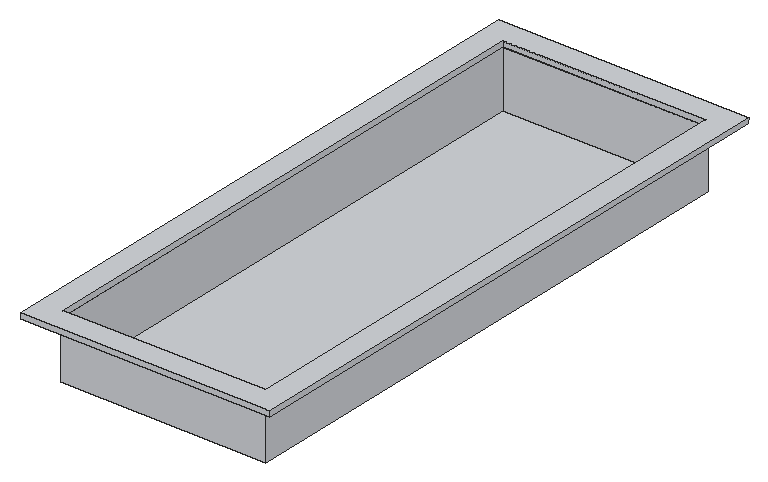
Revit family "Hager-VOLTA-Hollow_wall-Other-Without_Cover-Without_DIN-Hosted-CH-fr", category Electrical Equipment, host Face, Revit 2023
Family settings
  Host = Face
  Panel Configuration = Two Columns, Circuits Across
  Round Connector Dimension = Use Diameter
  Part Type = Panelboard
  Cut with Voids When Loaded = No
  Maintain Annotation Orientation = Yes
  Shared = No
  Room Calculation Point = No
Parameters (values of type "VOLTA-Hollow_wall_W348_H880_D98_12_Modular_Spacing-VH60NK")
  Width Control [instance] = if([HG000006-Encastré], if([EF000846 - largeur d'encastrement] > min_whd, [EF000846 - largeur d'encastrement], min_whd), if([EF000008 - largeur] > min_whd, ([EF000008 - largeur]), min_whd))  # 314 mm
  Void Depth [instance] = if([HG000006-Encastré], Depth Control, 1 mm)  # 90 mm
  Uniformat code = "D501001"
  Uniformat = "Low Tension Service & Dist."
  HGEF0002950-largeur en nombre de modules = 12
  HGEF000266-Nombre de rangées = 5
  HG000131 - Functional label [instance] = ""
  HG000130 - Functional name [instance] = ""
  Type Comments = ""
  System Height [instance] = Height Control - 2 * [HG000005-Epaisseur]  # 842 mm
  Reference description = ""
  Reference = "VOLTA-Hollow_wall_W348_H880_D98_12_Modular_Spacing-VH60NK"
  Object type = ""
  Name hager = "ADD_Enclosures_EC000214"
  Name BIM&CO = "Electricity"
  Name = "VOLTA-Hollow_wall-Other-Without_Cover-Without_DIN-CH"
  Model = ""
  HG000099-ID modèle Onfly = "507532"
  HG000060-RAL-number = "9010"
  HG000059-tension d'utilisation [instance] = 230 V
  HG000017-Distance entre pôles = 18 mm
  HG000016-Visibilité de la porte 3D = yes
  HG000015-Visibilité de l'emprise de la porte = yes
  HG000014-Porte à droite = yes
  HG000013-Porte à gauche = no
  HG000012-Angle de pivotement de la porte = 90.00°
  HG000011-Rangées du bas vides = no
  HG000010-Portes asymétriques = no
  HG000009-Porte à double battant = no
  HG000008-Nombre de rangées vides = 0
  HG000007-Nombre de colonnes vides = 0
  HG000006-Encastré = yes
  HG000005-Epaisseur = 2 mm
  HG000004-Référence fabricant = "VH60NK"
  HG000003-Gamme = "VOLTA"
  HG000002-avec porte = no
  HG000001-nombre de colonnes = 0
  GTIN (Global Trade Item Number) = ""
  ETIM class name = "Small distribution board"
  ETIM class code = "EC000214"
  EF015941 - porte de transmission du signal = no
  EF015777 - borne à conducteur neutre = no
  EF015776 - borne de mise à la terre = no
  EF009212 - type de couvercle = ""
  EF006306 - avec serrure = no
  EF006244 - couvercle/porte transparente = no
  EF005474 - indice de protection (IP) = "autre"
  EF004464 - type de porte = ""
  EF004462 - type de fermeture = "autre"
  EF002950 - nombre d'unités modulaires = 12
  EF001596 - matériau du boîtier = ""
  EF001134 - rail DIN = no
  EF001131 - profondeur interne = 0 mm
  EF001088 - possibilité de montage adossé = yes
  EF001062 - version CEM = no
  EF000846 - largeur d'encastrement = 314 mm
  EF000339 - type de couverture = ""
  EF000332 - hauteur d'installation = 846 mm
  EF000266 - nombre de rangées = 5
  EF000218 - profondeur de montage = 90 mm
  EF000118 - avec plaque de montage = no
  EF000116 - numéro RAL = 9010
  EF000049 - profondeur = 98 mm
  EF000040 - hauteur = 880 mm
  EF000024 - résiste aux UV = no
  EF000008 - largeur = 348 mm
  EF000007 - couleur = "blanc"
  EF000003 - mode de montage = "paroi creuse"
  Creation Date = "12/15/2025 21:43:36"
  Code hager = "ADD-EC000214_EU"
  BIM&CO code = ""
  BC_VARIANT_ID = "1174143"
  BC_OBJECT_VERSION = "#9"  # constant formula
  BC_OBJECT_ID = "513470"  # constant formula
  BC_MODEL_ID = "1547124"  # constant formula
  Arrow Offset [instance] = Depth Control / 8  # 11.25 mm
  Arrow Height [instance] = Depth Control - Arrow Offset  # 78.75 mm
  Host Offset [instance] = if([HG000006-Encastré], 0 mm, [EF000049 - profondeur])  # 0 mm
  min_whd [instance] = (2 * [HG000005-Epaisseur]) + 1 mm  # 5 mm
  Manufacturer = "Hager"  # constant formula
  Height Control [instance] = if([HG000006-Encastré], if([EF000332 - hauteur d'installation] > min_whd, [EF000332 - hauteur d'installation], min_whd), if([EF000040 - hauteur] > min_whd, ([EF000040 - hauteur]), min_whd))  # 846 mm
  Flush Mounted - Door Frame Width [instance] = if(([EF000040 - hauteur] - [EF000332 - hauteur d'installation]) > 0 mm, if([HG000006-Encastré], [EF000040 - hauteur] - [EF000332 - hauteur d'installation], 0 mm), 0 mm)  # 34 mm
  Depth Control [instance] = if([HG000006-Encastré], if([EF000218 - profondeur de montage] > 0 mm, [EF000218 - profondeur de montage], 1 mm), if([EF000049 - profondeur] > 0 mm, ([EF000049 - profondeur]), 1 mm))  # 90 mm
  Default Elevation = 0 mm
Types (5, lengths in mm): name | HGEF000266-Nombre de rangées | System Height | Reference | HG000004-Référence fabricant | EF009212 - type de couvercle | EF004462 - type de fermeture | EF001062 - version CEM | EF000332 - hauteur d'installation | EF000266 - nombre de rangées | EF000049 - profondeur | EF000040 - hauteur | EF000008 - largeur | BC_VARIANT_ID | Height Control | Flush Mounted - Door Frame Width
  VOLTA-Hollow_wall_W330_H355_D94_12_Modular_Spacing-VH12NK | 1 | 342 | "VOLTA-Hollow_wall_W330_H355_D94_12_Modular_Spacing-VH12NK" | "VH12NK" | "fermé" | "" | yes | 346 | 1 | 94 | 355 | 330 | "1174126" | 346 | 9
  VOLTA-Hollow_wall_W348_H505_D98_12_Modular_Spacing-VH24NK | 2 | 467 | "VOLTA-Hollow_wall_W348_H505_D98_12_Modular_Spacing-VH24NK" | "VH24NK" | "" | "autre" | no | 471 | 2 | 98 | 505 | 348 | "1174131" | 471 | 34
  VOLTA-Hollow_wall_W348_H630_D98_12_Modular_Spacing-VH36NK | 3 | 592 | "VOLTA-Hollow_wall_W348_H630_D98_12_Modular_Spacing-VH36NK" | "VH36NK" | "" | "autre" | no | 596 | 3 | 98 | 630 | 348 | "1174136" | 596 | 34
  VOLTA-Hollow_wall_W348_H755_D98_12_Modular_Spacing-VH48NK | 4 | 717 | "VOLTA-Hollow_wall_W348_H755_D98_12_Modular_Spacing-VH48NK" | "VH48NK" | "" | "autre" | no | 721 | 4 | 98 | 755 | 348 | "1174140" | 721 | 34
  VOLTA-Hollow_wall_W348_H880_D98_12_Modular_Spacing-VH60NK | 5 | 842 | "VOLTA-Hollow_wall_W348_H880_D98_12_Modular_Spacing-VH60NK" | "VH60NK" | "" | "autre" | no | 846 | 5 | 98 | 880 | 348 | "1174143" | 846 | 34
Reference planes
  plane 1 "Center (Front/Back)": y = 0
  plane 2: z = 0
  plane 3 "Center (Left/Right)": x = 0
  plane 4: z = 0
  plane 5: y = 36
  plane 6: z = -5
  plane 7: y = 457
  plane 8: y = 34
  plane 9: y = 880
  plane 10: z = -90
  plane 11: x = -157
  plane 12: x = 157
  plane 13: x = 155
  plane 14: x = -155
  plane 15: y = 878
  plane 16: z = -88
  plane 17: z = -2
  plane 18: z = -90
  plane 19: z = -2
  plane 20 "Annotation H": y = -100
  plane 21 "Annotation V": x = 457
Forms (mm)
  Extrusion 1, solid
    sketch origin (-583.045, 34, 1219.2) x (-1, 0, 0) y (0, 0, 1)
      loop
        line (-426.045, -1219.2) -> (-740.045, -1219.2) -> (-740.045, -1309.2) -> (-426.045, -1309.2) -> (-426.045, -1219.2)
    from 0 to 846 <- "Height Control"
  Extrusion 2, void
    sketch origin (-381.607, -4572, 0) x (0, -1, 0) y (-1, 0, 0)
      loop
        line (-5450, -226.607) -> (-5450, -536.607) -> (-4608, -536.607) -> (-4608, -226.607) -> (-5450, -226.607)
    from 0 to 88
  Extrusion 3, void
    sketch origin (0, 0, 0) x (1, 0, 0) y (0, 1, 0)
      loop
        line (-157, 34) -> (157, 34) -> (157, 880) -> (-157, 880) -> (-157, 34)
    from -90 to 1
  Extrusion 4, solid, detail levels coarse+medium
    sketch origin (-381.607, -4572, 0) x (-1, 0, 0) y (0, -1, 0)
      loop
        line (-226.607, -5450) -> (-226.607, -4608) -> (-536.607, -4608) -> (-536.607, -5450) -> (-226.607, -5450)
    from 0 to -2
Cuts and joins
  Extrusion 2 cuts Extrusion 1
Dimensions and locks
  plane 4 to plane 6 = 5 mm
  "Host Offset": plane 4 to host face
  "Flush Mounted - Door Frame Width": plane 1 "Center (Front/Back)" to plane 8
  "HG000005-Epaisseur": plane 5 to plane 8
  locked: connector elem to plane 3 "Center (Left/Right)"
  "Height Control": plane 9 to plane 8
  equal spacing: plane 9, plane 7, plane 8
  locked: connector elem to plane 7
  "Depth Control": plane 4 to plane 10
  "HG000005-Epaisseur": plane 11 to plane 14
  "HG000005-Epaisseur": plane 12 to plane 13
  equal spacing: plane 11, plane 3 "Center (Left/Right)", plane 12
  "Width Control": plane 11 to plane 12
  "Arrow Offset": nested 4 to plane 10
  "HG000005-Epaisseur": plane 9 to plane 15
  "HG000005-Epaisseur": plane 16 to plane 10
  "HG000005-Epaisseur": plane 4 to plane 17
  "Void Depth": plane 2 to plane 18
  "HG000005-Epaisseur": plane 4 to plane 19
  locked: plane 20 "Annotation H" to plane 1 "Center (Front/Back)" at 100
  locked: plane 12 to plane 21 "Annotation V" at 300
  aligned and locked: plane 2 to host face
  aligned and locked: level to host face
  aligned and locked: plane 3 "Center (Left/Right)" to nested 2
  aligned and locked: plane 4 to nested 2
  aligned and locked: nested 2 to plane 8
  aligned and locked: nested 1 to plane 6
  aligned and locked: plane 5 to nested 1
  aligned and locked: nested 4 to plane 11
  aligned and locked: nested 3 to plane 4
  aligned and locked: Extrusion 1 sketch curve to plane 12
  aligned and locked: Extrusion 1 sketch curve to plane 11
  aligned and locked: nested 3 to plane 10
  aligned and locked: plane 10 to Extrusion 1 sketch curve
  aligned and locked: plane 5 to Extrusion 2 sketch curve
  aligned and locked: Extrusion 2 sketch curve to plane 15
  aligned and locked: Extrusion 2 sketch curve to plane 14
  aligned and locked: Extrusion 2 sketch curve to plane 13
  aligned and locked: plane 11 to Extrusion 3 sketch curve
  aligned and locked: plane 9 to Extrusion 3 sketch curve
  aligned and locked: Extrusion 3 sketch curve to plane 8
  aligned and locked: plane 12 to Extrusion 3 sketch curve
  aligned and locked: nested 3 to plane 12
  aligned and locked: Extrusion 3 to plane 18
  aligned and locked: Extrusion 2 to plane 16
  aligned and locked: Extrusion 1 sketch curve to plane 4
  aligned and locked: Extrusion 4 to plane 17
  aligned and locked: Extrusion 4 sketch curve to plane 15
  aligned and locked: Extrusion 4 sketch curve to plane 13
  aligned and locked: Extrusion 4 sketch curve to plane 14
  aligned and locked: plane 5 to Extrusion 4 sketch curve
  aligned and locked: nested 5 to plane 21 "Annotation V"
  aligned and locked: plane 20 "Annotation H" to nested 5
Automatic sketch dimensions
  host sketch curve to host sketch curve = 1469.727 mm
  host sketch curve to host sketch curve = 1434.803 mm
Nested families
  nested 1: "Hager_Enclosure_System" at (0, 36, -5) x (1, 0, 0) z (0, 1, 0), Height <- "System Height", Width_Control <- "Width Control", Built-in_Width <- "EF000846 - largeur d'encastrement", Width <- "EF000008 - largeur", Depth <- "HG000005-Epaisseur", Border <- "HG000005-Epaisseur", Distance_Between_Poles <- "HG000017-Distance entre pôles", Flush_Mounted <- "HG000006-Encastré", Empty_Columns <- "HG000007-Nombre de colonnes vides", Total_No_Empty_Rows <- "HG000008-Nombre de rangées vides", Empty_Rows_From_Bottom <- "HG000011-Rangées du bas vides", Columns_Count <- "HG000001-nombre de colonnes", Rows_Count <- "HGEF000266-Nombre de rangées", Row_Module_Multiplicator <- "HGEF0002950-largeur en nombre de modules", type "Hager_Enclosure_System", detail levels fine
    with Width_Control 314 mm, Width 348 mm, Total_No_Rows 5, Total_No_Empty_Rows 0, Total_No_Columns 1, System_Width 310 mm, Rows_Count 5, Rows_Column 5, Row_Module_Multiplicator 12, Panel_4 no, Panel_3 no, Panel_2 no, Panel_1 no, No_Panels_Ctrl 1, Hide_Columns yes, Height 842 mm, Flush_Mounted yes, Empty_Rows_From_Bottom no, Empty_Rows_Column 0, Empty_Columns 0, Empty column 4 0, Empty column 3 0, Empty column 2 0, Empty column 1 0, Distance_Between_Poles 18 mm, Depth 2 mm, Columns_Count 0, Column_Width 310 mm, Built-in_Width 314 mm, Border 2 mm
  nested 2: "Hager_Enclosure_Door" at (0, 34, 0) x (1, 0, 0) z (0, 1, 0), Height_Ctrl <- "Height Control", Width_Ctrl <- "Width Control", BuiltIn_Depth <- "EF000218 - profondeur de montage", Depth <- "EF000049 - profondeur", BuiltIn_Width <- "EF000846 - largeur d'encastrement", Height <- "EF000040 - hauteur", BuiltIn_Height <- "EF000332 - hauteur d'installation", Width <- "EF000008 - largeur", Transparent <- "EF006244 - couvercle/porte transparente", Border <- "HG000005-Epaisseur", Door <- "HG000002-avec porte", Flush_Mounted <- "HG000006-Encastré", Double <- "HG000009-Porte à double battant", Assymetrical <- "HG000010-Portes asymétriques", Angle <- "HG000012-Angle de pivotement de la porte", Door_Left <- "HG000013-Porte à gauche", Door_Right <- "HG000014-Porte à droite", Clearance <- "HG000015-Visibilité de l'emprise de la porte", 3d_Door <- "HG000016-Visibilité de la porte 3D", type "Hager_Enclosure_Door", detail levels medium+fine
    with min_wh 5 mm, Width_Ctrl 314 mm, Width 348 mm, Transparent_Door_No_Bottom_Border no, Transparent no, Leaf_Width 307 mm, Leaf_Tolerance 1.5 mm, Leaf_Height 839 mm, Leaf_2_Width 307 mm, Leaf_2_Offset 153.5 mm, Leaf_1_Width 307 mm, Leaf_1_Offset 153.5 mm, Height_Ctrl 846 mm, Height 880 mm, Frame_Width_Ctrl 34 mm, Frame_Width 34 mm, Frame_Internal_Offset 2 mm, Frame_Height_Ctrl 34 mm, Frame_Height 34 mm, Frame_Depth_Ctrl 8 mm, Frame_Depth 8 mm, Flush_Mounted yes, Double_Clearance_Ctrl no, Double no, Door_Right_Ctrl no, Door_Right yes, Door_Left_Ctrl no, Door_Left no, Door no, Depth 98 mm, Clearance_Depth 307 mm, Clearance_Ctrl yes, Clearance yes, BuiltIn_Width 314 mm, BuiltIn_Height 846 mm, BuiltIn_Depth 90 mm, Border 2 mm, Assymetrical no, Angle 90.00°, 3d_Door yes
  nested 3: "Hager_Enclosure_Symbol_Triangle" at (-157, 0, -90) x (1, 0, 0) z (0, -1, 0), Depth <- "Depth Control", Width <- "Width Control", type "Hager_Enclosure_Symbol_Triangle"
    with Width_Ctrl 314 mm, Width 314 mm, Depth_Ctrl 90 mm, Depth 90 mm
  nested 4: "Hager_Enclosure_Symbol_Arrow" at (-157, 0, -78.75) x (1, 0, 0) z (0, -1, 0), Height <- "Arrow Height", type "Hager_Enclosure_Symbol_Arrow"
    with Width_Inside 5.906 mm, Width 70.875 mm, Height_Ctrl 78.75 mm, Height 78.75 mm
  nested 5: "Hager_Annotation-HG000130" at (457, -100, 0) x (-1, 0, 0) z (0, 0, 1), HG000130 - Functional name <- "HG000130 - Functional name", type "Hager_Annotation-HG000130"
    with HG000130 - Functional name ""
Connectors
  electrical at (0, 457, -90)
    settings: on plane 10, index 1, voltage 0 V, apparent load 0 VA, apparent load phase1 0 VA, apparent load phase2 0 VA, apparent load phase3 0 VA, power factor 1, load classification "Other", number of poles 1, system type 30, power factor state 1, is connector primary yes, connector utility no, sub classification motor no, connector description ""
Definition of nested family "Hager_Enclosure_Door"
  Parameters (values of type "Hager_Enclosure_Door")
    min_wh [instance] = (2 * Border) + 1 mm  # 11 mm
    Width_Ctrl [instance] = 400 mm
    Width [instance] = 500 mm
    Transparent_Door_No_Bottom_Border [instance] = no
    Transparent [instance] = yes
    Leaf_Width [instance] = if((Width_Ctrl - 2 * Border - 2 * Leaf_Tolerance) > 0 mm, (Width_Ctrl - 2 * Border - 2 * Leaf_Tolerance), min_wh)  # 387 mm
    Leaf_Tolerance [instance] = 1.5 mm  # constant formula
    Leaf_Height [instance] = if((Height_Ctrl - 2 * Border - 2 * Leaf_Tolerance) > 0 mm, (Height_Ctrl - 2 * Border - 2 * Leaf_Tolerance), min_wh)  # 387 mm
    Leaf_2_Width [instance] = if(and(and(Double, Assymetrical), Door_Left), (Leaf_Width / 3) - (Leaf_Tolerance / 2), if(and(and(Double, Assymetrical), Door_Right), (Leaf_Width / 3) * 2 - (Leaf_Tolerance / 2), if(and(Double, not(Assymetrical)), (Leaf_Width / 2) - Leaf_Tolerance, Leaf_Width)))  # 387 mm
    Leaf_2_Offset [instance] = if(and(Double, Assymetrical), Leaf_2_Width / 2, if(and(Double, not(Assymetrical)), Leaf_Width / 4, Leaf_Width / 2))  # 193.5 mm
    Leaf_1_Width [instance] = if(and(and(Double, Assymetrical), Door_Right), (Leaf_Width / 3) - (Leaf_Tolerance / 2), if(and(and(Double, Assymetrical), Door_Left), (Width / 3) * 2 - (Leaf_Tolerance / 2), if(and(Double, not(Assymetrical)), (Leaf_Width / 2) - Leaf_Tolerance, Leaf_Width)))  # 387 mm
    Leaf_1_Offset [instance] = if(and(Double, Assymetrical), Leaf_1_Width / 2, if(and(Double, not(Assymetrical)), Leaf_Width / 4, Leaf_Width / 2))  # 193.5 mm
    Height_Ctrl [instance] = 400 mm
    Height [instance] = 500 mm
    Frame_Width_Ctrl [instance] = if(Frame_Width > 0 mm, Frame_Width, 1 mm)  # 1 mm
    Frame_Width [instance] = Width - BuiltIn_Width  # 0 mm
    Frame_Internal_Offset [instance] = if(Flush_Mounted, Border, 0 mm)  # 5 mm
    Frame_Height_Ctrl [instance] = if(Frame_Height > 0 mm, Frame_Height, 1 mm)  # 1 mm
    Frame_Height [instance] = Height - BuiltIn_Height  # 0 mm
    Frame_Depth_Ctrl [instance] = if(Frame_Depth > 0 mm, Frame_Depth, 1 mm)  # 1 mm
    Frame_Depth [instance] = if(Depth - BuiltIn_Depth > 0 mm, if(Flush_Mounted, Depth - BuiltIn_Depth, 0 mm), 0 mm)  # 0 mm
    Flush_Mounted [instance] = yes
    Double_Clearance_Ctrl [instance] = and(Double, Clearance)  # no
    Double [instance] = no
    Door_Right_Ctrl [instance] = and(or(Door_Right, Double), Door)  # yes
    Door_Right [instance] = yes
    Door_Left_Ctrl [instance] = and(or(Door_Left, Double), Door)  # no
    Door_Left [instance] = no
    Door [instance] = yes
    Depth [instance] = 500 mm
    Default Elevation = 1219.2 mm
    Clearance_Material = none
    Clearance_Depth [instance] = if(Leaf_1_Width > Leaf_2_Width, Leaf_1_Width, Leaf_2_Width)  # 387 mm
    Clearance_Ctrl [instance] = and(not(Double), Clearance)  # yes
    Clearance [instance] = yes
    BuiltIn_Width [instance] = 500 mm
    BuiltIn_Height [instance] = 500 mm
    BuiltIn_Depth [instance] = 500 mm
    Border [instance] = 5 mm
    Assymetrical [instance] = yes
    Angle [instance] = 30.00°
    3d_Door [instance] = yes
  Reference planes
    plane 1 "Center (Front/Back)": y = 0
    plane 2 "Bottom": z = 0
    plane 3 "Center (Left/Right)": x = 0
    plane 4: z = 400
    plane 5: x = -200
    plane 6: x = 200
    plane 7: z = 395
    plane 8: x = -195
    plane 9: z = 5
    plane 10: x = 195
    plane 11: y = 0
    plane 12: z = 6.5
    plane 13: x = -582
    plane 14: y = -387
    plane 15: x = 582
    plane 16: x = 0
    plane 17: x = 0
    plane 18: x = -193.5
    plane 19: x = 193.5
    plane 20: z = 393.5
  Forms (mm)
    Extrusion 1, solid, visible <- "Flush_Mounted"
      sketch origin (0, 0, 0) x (1, 0, 0) y (0, 0, 1)
        loop
          line (195, 5) -> (195, 395) -> (-195, 395) -> (-195, 5) -> (195, 5)
        loop
          line (-201, 401) -> (-201, -1) -> (201, -1) -> (201, 401) -> (-201, 401)
      from 0 to 1 <- "Frame_Depth_Ctrl"
    Extrusion 2, solid, material <- "Clearance_Material", visible <- "Double_Clearance_Ctrl"
      sketch origin (1200, 0, 0) x (1, 0, 0) y (0, 0, -1)
        loop
          line (-1782, -393.5) -> (-618, -393.5) -> (-618, 0) -> (-1782, 0) -> (-1782, -393.5)
      from 0 to -387
  Dimensions and locks
    equal spacing: plane 5, plane 3 "Center (Left/Right)", plane 6
    "Width_Ctrl": plane 5 to plane 6
    "Border": plane 5 to plane 8
    "Border": plane 6 to plane 10
    "Border": plane 9 to level
    "Border": plane 4 to plane 7
    "Height_Ctrl": plane 4 to level
    "Leaf_Tolerance": plane 12 to plane 9
    "Frame_Depth": plane 11 to plane 1 "Center (Front/Back)"
    "Frame_Width_Ctrl": plane 5 to Extrusion 1 sketch curve
    "Frame_Width_Ctrl": plane 6 to Extrusion 1 sketch curve
    "Frame_Width_Ctrl": Extrusion 1 sketch curve to plane 4
    "Frame_Width_Ctrl": plane 2 "Bottom" to Extrusion 1 sketch curve
    "Leaf_1_Offset": plane 18 to plane 16
    "Leaf_2_Offset": plane 17 to plane 19
    "Leaf_1_Width": plane 13 to plane 8
    "Leaf_2_Width": plane 10 to plane 15
    "Clearance_Depth": plane 14 to plane 1 "Center (Front/Back)"
    "Leaf_Tolerance": plane 8 to plane 18
    "Leaf_Tolerance": plane 19 to plane 10
    "Leaf_Tolerance": plane 7 to plane 20
    "Frame_Internal_Offset": plane 5 to Extrusion 1 sketch curve
    "Frame_Internal_Offset": Extrusion 1 sketch curve to plane 2 "Bottom"
    "Frame_Internal_Offset": plane 6 to Extrusion 1 sketch curve
    "Frame_Internal_Offset": plane 4 to Extrusion 1 sketch curve
    aligned and locked: level to plane 2 "Bottom"
    aligned and locked: nested 1 to plane 16
    aligned and locked: nested 2 to plane 17
    aligned and locked: Extrusion 2 to plane 13
    aligned and locked: plane 15 to Extrusion 2
    aligned and locked: Extrusion 2 to plane 14
    aligned and locked: plane 12 to nested 1
    aligned and locked: nested 2 to plane 12
    aligned and locked: Extrusion 2 to plane 11
    aligned and locked: plane 20 to Extrusion 2
    aligned and locked: nested 2 to plane 11
    aligned and locked: nested 1 to plane 11
  Automatic sketch dimensions
    Extrusion 2 sketch curve to level = 0 mm
    plane 5 to Extrusion 2 sketch curve = 382 mm
    plane 6 to Extrusion 2 sketch curve = 382 mm
    Extrusion 2 sketch curve to plane 4 = 6.5 mm
  Nested families
    nested 1: "Hager_Enclosure_Door_Leaf" at (0, 0, 6.5), Width <- "Leaf_1_Width", visible <- "Door_Left_Ctrl", Leaf_Height <- "Leaf_Height", Angle <- "Angle", Depth <- "Border", 3d_Door <- "3d_Door", Transparent <- "Transparent", Clearance Material <- "Clearance_Material", Clearance <- "Clearance_Ctrl", Transparent_Door_No_Bottom_Border <- "Transparent_Door_No_Bottom_Border", type "Hager_Enclosure_Door_Leaf"
      with Width 387 mm, Transparent_Door_No_Bottom_Border no, Transparent_Door_Border_Bottom_Top 25 mm, Transparent_Door_Border 25 mm, Transparent_Ctrl yes, Transparent yes, Standard no, Leaf_Height 387 mm, Glass_Offset 1 mm, Depth 5 mm, Clearance Material none, Clearance yes, Angle_Ctrl 30.00°, Angle 30.00°, 3d_Door yes
    nested 2: "Hager_Enclosure_Door_Leaf" at (0, 0, 6.5) x (-1, 0, 0) z (0, 0, 1), Width <- "Leaf_2_Width", visible <- "Door_Right_Ctrl", Leaf_Height <- "Leaf_Height", Angle <- "Angle", Depth <- "Border", 3d_Door <- "3d_Door", Transparent <- "Transparent", Clearance Material <- "Clearance_Material", Clearance <- "Clearance_Ctrl", Transparent_Door_No_Bottom_Border <- "Transparent_Door_No_Bottom_Border", type "Hager_Enclosure_Door_Leaf"
      with Width 387 mm, Transparent_Door_No_Bottom_Border no, Transparent_Door_Border_Bottom_Top 25 mm, Transparent_Door_Border 25 mm, Transparent_Ctrl yes, Transparent yes, Standard no, Leaf_Height 387 mm, Glass_Offset 1 mm, Depth 5 mm, Clearance Material none, Clearance yes, Angle_Ctrl 30.00°, Angle 30.00°, 3d_Door yes
  Definition of nested family "Hager_Enclosure_Door_Leaf"
    Parameters (values of type "Hager_Enclosure_Door_Leaf")
      Width [instance] = 2000 mm
      Transparent_Door_No_Bottom_Border [instance] = yes
      Transparent_Door_Border_Bottom_Top [instance] = if(Transparent_Door_No_Bottom_Border, 0.1 mm, Transparent_Door_Border)  # 0.1 mm
      Transparent_Door_Border [instance] = if(Transparent_Door_No_Bottom_Border, (Width * 0.12), 25 mm)  # 240 mm
      Transparent_Ctrl [instance] = and(Transparent, [3d_Door])  # yes
      Transparent [instance] = yes
      Standard [instance] = and(not(Transparent), [3d_Door])  # no
      Leaf_Height [instance] = 2720.336 mm
      Glass_Offset [instance] = if((Depth - 10 mm) / 2 > 0 mm, (Depth - 10 mm) / 2, 1 mm)  # 15 mm
      Glass_Material = none
      Depth [instance] = 40 mm
      Default Elevation = 0 mm
      Clearance Material [instance] = none
      Clearance [instance] = yes
      Angle_Ctrl [instance] = if(Angle > 170.00°, 170.00°, Angle)  # 45.00°
      Angle [instance] = 45.00°
      3d_Door [instance] = yes
    Reference planes
      plane 1 "Center (Front/Back)": y = 0
      plane 2: z = 0
      plane 3 "Center (Left/Right)": x = 0
      plane 4: y = 2000
      plane 5: x = -1000
      plane 6: x = 1000
      plane 7: x = -3000
      plane 8: z = 2720.336
      plane 9: z = 0.1
      plane 10: z = 2720.236
      plane 11: x = 760
      plane 12: x = -760
    Forms (mm)
      Extrusion 1, solid, material <- "Clearance Material", visible <- "Clearance"
        sketch origin (0, 0, 0) x (1, 0, 0) y (0, 0, 1)
          loop
            line (-3000, 2720.336) -> (-3000, 0) -> (1000, 0) -> (1000, 2720.336) -> (-3000, 2720.336)
        from 0 to -2000
      Extrusion 2, solid, visible <- "Standard", detail levels medium+fine
        sketch origin (-1000, 0, 0) x (0.707107, 0.707107, 0) y (-0.707107, 0.707107, 0)
          loop
            line (0, -40) -> (2000, -40) -> (2000, 0) -> (0, 0) -> (0, -40)
        from 0 to 2720.336 <- "Leaf_Height"
      Extrusion 3, solid, visible <- "Transparent_Ctrl", detail levels medium+fine
        sketch origin (-1000, 0, 0) x (0.707107, 0.707107, 0) y (-0.707107, 0.707107, 0)
          loop
            line (0, -40) -> (2000, -40) -> (2000, 0) -> (0, 0) -> (0, -40)
        from 0 to 2720.336 <- "Leaf_Height"
      Extrusion 4, void, detail levels medium+fine
        sketch origin (-1000, 0, 0) x (-0.707107, 0.707107, 0) y (0.707107, 0.707107, 0)
          loop
            line (0, 240) -> (0, 1760) -> (-40, 1760) -> (-40, 240) -> (0, 240)
        from -2720.236 to -0.1
      Extrusion 5, solid, material <- "Glass_Material", visible <- "Transparent_Ctrl", detail levels medium+fine
        sketch origin (-1000, 0, 0) x (0.707107, 0.707107, 0) y (-0.707107, 0.707107, 0)
          loop
            line (240, -15) -> (240, -25) -> (1760, -25) -> (1760, -15) -> (240, -15)
        from 0.1 to 2720.236
    Cuts and joins
      Extrusion 4 cuts Extrusion 3
    Lines and regions (mm)
      symbolic lines
        curve 1: line (1000, 0, 0) -> (-3000, 0, 0)
        curve 2: arc (1000, 0, 0) -> (-1000, 2000, 0) -> (-3000, 0, 0) r 2000
        curve 4: line (-1000, 0, 0) -> (414.214, 1414.214, 0)
      reference lines
        curve 3: line (-1000, 0, 0) -> (414.214, 1414.214, 0)
      symbolic lines, detail levels medium+fine
        curve 5: line (414.214, 1414.214, 0) -> (442.498, 1385.929, 0)
        curve 6: line (442.498, 1385.929, 0) -> (-971.716, -28.284, 0)
        curve 7: line (-971.716, -28.284, 0) -> (-1000, 0, 0)
        curve 8: line (-1000, 0, 2720.336) -> (1000, 0, 2720.336)
        curve 9: line (-1000, 0, 0) -> (-1000, 0, 2720.336)
        curve 10: line (1000, 0, 0) -> (-1000, 0, 0)
        curve 11: line (1000, 0, 2720.336) -> (1000, 0, 0)
      symbolic lines, visible <- "Transparent_Ctrl", detail levels medium+fine
        curve 12: line (-760, 0, 2720.236) -> (760, 0, 2720.236)
        curve 13: line (-760, 0, 0.1) -> (-760, 0, 2720.236)
        curve 14: line (760, 0, 0.1) -> (-760, 0, 0.1)
        curve 15: line (760, 0, 2720.236) -> (760, 0, 0.1)
    Dimensions and locks
      "Width": plane 1 "Center (Front/Back)" to plane 4
      equal spacing: plane 5, plane 3 "Center (Left/Right)", plane 6
      "Width": plane 5 to plane 6
      "Width": plane 7 to plane 5
      "Leaf_Height": plane 8 to level
      "Depth": curve 6 to curve 3
      "Width": curve 5 to curve 3
      "Width": curve 3 to curve 3
      "Transparent_Door_Border": Extrusion 4 sketch curve to curve 7
      "Transparent_Door_Border": Extrusion 4 sketch curve to curve 5
      "Transparent_Door_Border_Bottom_Top": plane 8 to plane 10
      "Transparent_Door_Border_Bottom_Top": plane 9 to level
      "Glass_Offset": Extrusion 5 sketch curve to curve 4
      "Glass_Offset": Extrusion 5 sketch curve to curve 6
      "Transparent_Door_Border": Extrusion 5 sketch curve to curve 5
      "Transparent_Door_Border": Extrusion 5 sketch curve to curve 7
      "Transparent_Door_Border": plane 12 to plane 5
      "Transparent_Door_Border": plane 6 to plane 11
      "Angle_Ctrl": angle plane 1 "Center (Front/Back)" to curve 3
      aligned and locked: level to plane 2
      aligned and locked: Extrusion 1 to curve 1
      aligned and locked: plane 6 to Extrusion 1
      aligned and locked: Extrusion 1 to plane 1 "Center (Front/Back)"
      aligned and locked: plane 4 to Extrusion 1
      aligned and locked: plane 8 to Extrusion 1
      aligned and locked: curve 4 to curve 3
      aligned and locked: Extrusion 2 sketch curve to curve 7
      aligned and locked: Extrusion 2 sketch curve to curve 6
      aligned and locked: Extrusion 2 sketch curve to curve 5
      aligned and locked: Extrusion 2 sketch curve to curve 3
      aligned and locked: curve 7 to Extrusion 3 sketch curve
      aligned and locked: Extrusion 3 sketch curve to curve 4
      aligned and locked: Extrusion 3 sketch curve to curve 6
      aligned and locked: Extrusion 3 sketch curve to curve 5
      aligned and locked: curve 4 to Extrusion 4 sketch curve
      aligned and locked: curve 6 to Extrusion 4 sketch curve
      aligned and locked: Extrusion 4 to plane 9
      aligned and locked: Extrusion 4 to plane 10
      aligned and locked: Extrusion 5 to plane 9
      aligned and locked: Extrusion 5 to plane 10
      aligned and locked: curve 8 to plane 8
      aligned and locked: plane 5 to curve 9
      aligned and locked: plane 2 to curve 10
      aligned and locked: curve 11 to plane 6
      aligned and locked: plane 10 to curve 12
      aligned and locked: plane 12 to curve 13
      aligned and locked: curve 14 to plane 9
      aligned and locked: plane 11 to curve 15
    Automatic sketch dimensions
      plane 1 "Center (Front/Back)" to curve 2 = 0 mm
      curve 2 to plane 5 = 0 mm
      Extrusion 1 sketch curve to level = 0 mm
      Extrusion 1 sketch curve to plane 7 = 0 mm
      Extrusion 1 sketch curve to plane 6 = 0 mm
      Extrusion 1 sketch curve to plane 8 = 0 mm
      plane 1 "Center (Front/Back)" to curve 3 = 0 mm
      curve 3 to plane 5 = 0 mm
      curve 7 to curve 3 = 0 mm
Definition of nested family "Hager_Enclosure_Symbol_Triangle"
  Parameters (values of type "Hager_Enclosure_Symbol_Triangle")
    Width_Ctrl [instance] = if(Width > 1 mm, Width, 1 mm)  # 498 mm
    Width [instance] = 498 mm
    Depth_Ctrl [instance] = if(Depth > 1 mm, Depth, 1 mm)  # 72 mm
    Depth [instance] = 72 mm
  Reference planes
    plane 1 "Centre (avant/arrière)": y = 0
    plane 2: z = 0
    plane 3 "Centre (gauche/droite)": x = 0
  Lines and regions (mm)
    Filled region 1, type "Solid_Black", in view "Niveau de réf."
      outline origin (0, 0, 0) x (1, 0, 0) y (0, 1, 0)
        loop
          line (0, 0) -> (498, 0) -> (498, 72) -> (0, 0)
    reference lines, in view "Niveau de réf."
      curve 1: line (-206.153, 72, 0) -> (1083.258, 72, 0)
      curve 2: line (498, 405.456, 0) -> (498, -517.619, 0)
  Dimensions and locks
    "Depth_Ctrl": plane 1 "Centre (avant/arrière)" to curve 1
    "Width_Ctrl": plane 3 "Centre (gauche/droite)" to curve 2
    aligned and locked: curve 1 to Filled region 1 sketch curve
    aligned and locked: Filled region 1 sketch curve to plane 1 "Centre (avant/arrière)"
    aligned and locked: curve 2 to Filled region 1 sketch curve
    aligned and locked: plane 3 "Centre (gauche/droite)" to Filled region 1 sketch curve
    aligned and locked: plane 1 "Centre (avant/arrière)" to Filled region 1 sketch curve
  Automatic sketch dimensions
    curve 1 to plane 3 "Centre (gauche/droite)" = 206.153 mm
    curve 2 to curve 1 = 585.258 mm
    plane 1 "Centre (avant/arrière)" to curve 2 = 517.619 mm
    curve 2 to plane 1 "Centre (avant/arrière)" = 405.456 mm
Definition of nested family "Hager_Enclosure_Symbol_Arrow"
  Parameters (values of type "Hager_Enclosure_Symbol_Arrow")
    Width_Inside [instance] = if(Width / 12 > 2 mm, Width / 12, 2 mm)  # 4.987 mm
    Width [instance] = if(Height_Ctrl * 0.9 > 2 mm, Height_Ctrl * 0.9, 2 mm)  # 59.85 mm
    Height_Ctrl [instance] = if(Height > 2 mm, Height, 2 mm)  # 66.5 mm
    Height [instance] = 66.5 mm
  Reference planes
    plane 1 "Centre (avant/arrière)": y = 0
    plane 2: z = 0
    plane 3 "Centre (gauche/droite)": x = 0
    plane 4: x = 59.85
    plane 5: y = 28.263
    plane 6: y = 38.238
    plane 7: y = 66.5
    plane 8: x = 29.925
    plane 9: y = 33.25
  Lines and regions (mm)
    Filled region 1, type "Solid_Black", in view "Niveau de réf."
      outline origin (0, 0, 0) x (1, 0, 0) y (0, 1, 0)
        loop
          line (59.85, 66.5) -> (37.929, 52.827) -> (51.846, 41.935) -> (59.85, 66.5)
    detail lines, in view "Niveau de réf."
      curve 1: line (0, 0, 0) -> (29.925, 38.238, 0)
      curve 2: line (29.925, 38.238, 0) -> (29.925, 28.263, 0)
      curve 3: line (29.925, 28.263, 0) -> (59.85, 66.5, 0)
  Dimensions and locks
    "Width": plane 3 "Centre (gauche/droite)" to plane 4
    "Height_Ctrl": plane 7 to plane 1 "Centre (avant/arrière)"
    equal spacing: plane 3 "Centre (gauche/droite)", plane 8, plane 4
    equal spacing: plane 7, plane 9, plane 1 "Centre (avant/arrière)"
    equal spacing: plane 6, plane 9, plane 5
    "Width_Inside": plane 6 to plane 9
    equal spacing: curve 3, Filled region 1 sketch curve, Filled region 1 sketch curve
    angle Filled region 1 sketch curve to curve 3 = 20.00°
    angle curve 3 to Filled region 1 sketch curve = 20.00°
    locked: curve 3 to Filled region 1 sketch curve (angle 90.00°)
  Automatic sketch dimensions
    plane 1 "Centre (avant/arrière)" to curve 1 = 0 mm
    curve 1 to plane 3 "Centre (gauche/droite)" = 0 mm
    curve 2 to plane 6 = 0 mm
    curve 3 to plane 8 = 0 mm
    curve 3 to plane 4 = 0 mm
    curve 2 to plane 5 = 0 mm
    curve 3 to plane 7 = 0 mm
    Filled region 1 sketch curve to plane 4 = 0 mm
    Filled region 1 sketch curve to plane 7 = 0 mm
Definition of nested family "Hager_Annotation-HG000130"
  Parameters (values of type "Hager_Annotation-HG000130")
    HG000130 - Functional name [instance] = ""
  Reference planes
    plane 1: y = 0
    plane 2: x = 0
  Lines and regions (mm)
    detail lines
      curve 1: line (-27.5, 10, 0) -> (27.5, 10, 0)
      curve 2: line (-27.5, -10, 0) -> (-27.5, 10, 0)
      curve 3: line (27.5, -10, 0) -> (-27.5, -10, 0)
      curve 4: line (27.5, 10, 0) -> (27.5, -10, 0)
  Text (mm)
    label "HG000130 - Functional name" at (0.16, 0.026, 0), shows "HG000130 - Functional name"
